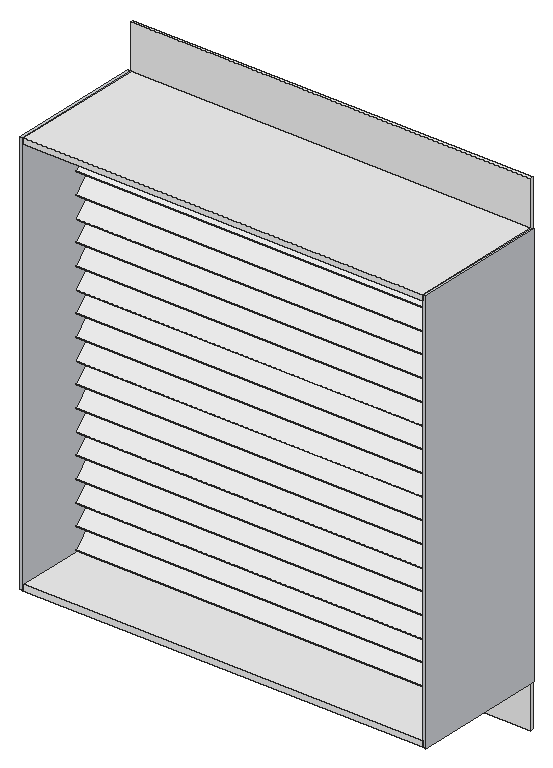
Revit family "Louver_XSV-845 All-Lite", category Mechanical Equipment, host Wall, Revit 2013
Parameters (values of type "XSV-845")
  Width Control = if(Width < Min Width, Min Width, if(Width > Max Width, Max Width, Width))  # 3' - 0"
  Width = 3' - 0"
  Warranty = "http://www.alllite.com/catalog/All-Lite-Warranty.pdf"
  Velocity @ .15 in. wg Pressure Loss = "755 fpm"  # constant formula
  URL = "http://alllite.com/"
  Specifications = ""
  Screen Frame = "Removable"  # constant formula
  Product URL = "http://www.alllite.com/catalog.php?model=XSV-845"
  Pressure Loss @ Beginning Point of Water Penetration = "0.06 in. wg."  # constant formula
  Omni Class Title = "Exterior Louvers & Grilles"  # constant formula
  Omni Class Code = "23-60 11 17"  # constant formula
  Mullion = "Visible"  # constant formula
  Maximum Size - Multiple Section = "Unlimited width x single section high, Single section wide x unlimited height"  # constant formula
  Free Area Velocity @ Beginning Point of Water Penetration = ""
  Free Area = "[48'' x 48'' unit] : 9.4 ft² 58.5%"  # constant formula
  Flange = "4-3/8''"  # constant formula
  Design Load = "290 psf"  # constant formula
  Screen = "1/2'' x .063'' expanded and flattened stainless steel"  # constant formula
  Model = "XSV-845"  # constant formula
  Minimum Size = "6'' x 6''"  # constant formula
  Min Width = 0' - 6"  # constant formula
  Min Height = 0' - 6"  # constant formula
  Maximum Size - Single Section = "60'' x 96'', 120'' x 60''"  # constant formula
  Max Width = 10' - 0"  # constant formula
  Max Height = 8' - 0"  # constant formula
  Manufacturer = "Pottorff"  # constant formula
  Louver Count = (Height Control - 0' 0 1/2") / 0' 2"  # 18
  Louver = Hot Rolled A36 Steel with Zinc Rich Finish
  Height Control = if(Height < Min Height, Min Height, if(Height > Max Height, Max Height, Height))  # 3' - 0"
  Height = 3' - 0"
  Frame = "8'' deep x .25'' thick"  # constant formula
  Default Height = 4' - 0"
  Cut Sheet = "http://www.alllite.com/catalog/XSV-845.pdf"
  Blades = "Inverted V, 3/16''"  # constant formula
  Blade Width = Width Control - 0' 0 1/2"  # 2' - 11 1/2"
  Assembly Code = "B2010300"
  Air Volume Delivered @ Beginning Point of Water Penetration = ""
  95 CSI = "10200"  # constant formula
  04 CSI = "08 91 00"  # constant formula
Reference planes (in)
  plane 1: y = 0
  plane 2 "Center (Left/Right)": x = 0
  plane 3 "Wall Edge": y = 6
  plane 4 "b": z = 48
  plane 5: x = 18
  plane 6: x = -18
  plane 7: z = 84
  plane 8 "blade": y = 2.66731
  plane 9: z = 48.5
  plane 10 "t": z = 83.5
  plane 11: y = -0.125
  plane 12: x = 17.75
  plane 13: x = -17.75
Forms (in)
  Extrusion 1, solid
    sketch origin (0, 0, 0) x (1, 0, 0) y (0, 1, 0)
      loop
        line (-17.75, 6) -> (-18, 6) -> (-18, -6) -> (-17.75, -6) -> (-17.75, 6)
    from 48 to 84
  Extrusion 2, solid
    sketch origin (0, 0, 0) x (-1, 0, 0) y (0, -1, 0)
      loop
        line (-17.75, -6) -> (-17.75, 6) -> (-18, 6) -> (-18, -6) -> (-17.75, -6)
    from 48 to 84
  Sweep 3, solid, material "Hot Rolled A36 Steel with Zinc Rich Finish" <- "Louver"
    path origin (0, 0, 83.5) x (0, -1, 0) y (1, 0, 0)
      loop
        line (-6, -17.75) -> (-6, 17.75)
    profile origin (0, 6, 83.5) x (0, 1, 0) y (0, 0, 1)
      loop
        line (-12, 0) -> (0, 0)
        arc (0, 0) -> (0.17678, 0.07322) -> (0.25, 0.25) r 0.25
        line (0.25, 0.25) -> (0.25, 4.4375) -> (0, 4.4375) -> (0, 0.5) -> (-12, 0.5) -> (-12, 0)
  Sweep 4, solid, material "Hot Rolled A36 Steel with Zinc Rich Finish" <- "Louver"
    path origin (0, 0, 48) x (1, 0, 0) y (0, 1, 0)
      loop
        line (-17.75, 6) -> (17.75, 6)
    profile origin (0, 6, 48) x (0, 1, 0) y (0, 0, 1)
      loop
        line (-12, 0) -> (0, 0) -> (0, -3.9375) -> (0.25, -3.9375) -> (0.25, 0.25)
        arc (0.25, 0.25) -> (0.17678, 0.42678) -> (0, 0.5) r 0.25
        line (0, 0.5) -> (-12, 0.5) -> (-12, 0)
Lines and regions (in)
  Opening 1
    outline origin (-60, -6, 0) x (1, 0, 0) y (0, 0, 1)
      loop
        line (78, 84) -> (42, 84) -> (42, 48) -> (78, 48) -> (78, 84)
Text (in)
  text "Placement Side" at (0, 40.15149, 123.01588), in view "Right"
  text "Placement Side" at (-70.3804, 28.46503, 0), in view "Ref. Level"
  text "Placement Side" at (0, 81.62555, 140.59947), in view "Left"
Dimensions and locks (in)
  locked: plane 3 "Wall Edge" to host wall
  "Default Height": level to plane 4 "b"
  "Height Control": plane 4 "b" to plane 7
  equal spacing: plane 6, plane 2 "Center (Left/Right)", plane 5
  "Width Control": plane 6 to plane 5
  plane 7 to plane 4 "b" = 3' - 0"
  equal spacing: group 1, group 3, group 4, group 5, group 6, group 7, group 8, group 9, group 10, group 11, group 12, group 13, group 14, group 15, group 16, group 17, group 18, group 2  (x3)
  locked: plane 11 to host wall at 6.125
  locked: plane 9 to plane 4 "b" at 0.5
  locked: plane 7 to plane 10 "t" at 0.5
  locked: plane 11 to plane 8 "blade" at 2.79231
  locked: plane 12 to plane 5 at 0.25
  locked: plane 13 to plane 6 at 0.25
  locked: Sweep 4 sketch curve to Sweep 4 sketch curve at 4.4375
  aligned and locked: plane 7 to Opening 1 sketch curve
  aligned and locked: Opening 1 sketch curve to plane 5
  aligned and locked: Opening 1 sketch curve to plane 4 "b"
  aligned and locked: plane 6 to Opening 1 sketch curve
  aligned and locked: nested 1 to plane 9
  aligned and locked: nested 1 to plane 8 "blade"
  aligned and locked: nested 2 to plane 8 "blade"
  aligned and locked: nested 2 to plane 10 "t"
  aligned and locked: Extrusion 1 sketch curve to plane 3 "Wall Edge"
  aligned and locked: host wall to Extrusion 1 sketch curve
  aligned and locked: host wall to Extrusion 2  (x2)
  aligned and locked: plane 7 to Extrusion 2
  aligned and locked: Extrusion 2 to plane 4 "b"
  aligned and locked: plane 7 to Extrusion 1
  aligned and locked: Extrusion 1 to plane 4 "b"
  aligned and locked: plane 13 to Sweep 3 sketch curve
  aligned and locked: plane 12 to Sweep 3 sketch curve
  aligned and locked: Sweep 3 sketch curve to host wall
  aligned and locked: host wall to Sweep 3 sketch curve
Automatic sketch dimensions
  Extrusion 1 sketch curve to plane 6 = 0' - 0"
  Extrusion 1 sketch curve to plane 13 = 0' - 0"
  Extrusion 2 sketch curve to host wall = 0' - 0"
  Extrusion 2 sketch curve to plane 5 = 0' - 0"
  host wall to Extrusion 2 sketch curve = 0' - 0"
  Extrusion 2 sketch curve to plane 12 = 0' - 0"
  Sweep 3 sketch curve to plane 10 "t" = 0' - 0"
  Sweep 3 sketch curve to profile plane = 0' - 0"  (x2)
  plane 10 "t" to Sweep 3 sketch curve = 0' - 0 1/4"
  Sweep 3 sketch curve to Sweep 3 sketch curve = 0' - 0 1/2"
  Sweep 3 sketch curve to Sweep 3 sketch curve = 0' - 3 15/16"
  plane 3 "Wall Edge" to Sweep 4 sketch curve = 0' - 0"
  Sweep 4 sketch curve to plane 13 = 0' - 0"
  Sweep 4 sketch curve to plane 12 = 0' - 0"
  Sweep 4 sketch curve to plane 4 "b" = 0' - 0"
  Sweep 4 sketch curve to profile plane = 0' - 0"  (x2)
  Sweep 4 sketch curve to profile plane = 0' - 0 1/4"
  profile plane to Sweep 4 sketch curve = 1' - 0"
  plane 4 "b" to Sweep 4 sketch curve = 0' - 0 1/4"
Nested families (in)
  nested 1: "XSV-845_Louver" at (0, 2.66731, 50.91891), type "XSV-845_Louver"
    with W 2' - 11 1/2"
  nested 2: "XSV-845_Louver" at (0, 2.66731, 82.91891), type "XSV-845_Louver"
    with W 2' - 11 1/2"
  nested 3: "XSV-845_Louver" at (0, 2.66731, 52.80127), type "XSV-845_Louver"
    with W 2' - 11 1/2"
  nested 4: "XSV-845_Louver" at (0, 2.66731, 54.68362), type "XSV-845_Louver"
    with W 2' - 11 1/2"
  nested 5: "XSV-845_Louver" at (0, 2.66731, 56.56597), type "XSV-845_Louver"
    with W 2' - 11 1/2"
  nested 6: "XSV-845_Louver" at (0, 2.66731, 58.44832), type "XSV-845_Louver"
    with W 2' - 11 1/2"
  nested 7: "XSV-845_Louver" at (0, 2.66731, 60.33068), type "XSV-845_Louver"
    with W 2' - 11 1/2"
  nested 8: "XSV-845_Louver" at (0, 2.66731, 62.21303), type "XSV-845_Louver"
    with W 2' - 11 1/2"
  nested 9: "XSV-845_Louver" at (0, 2.66731, 64.09538), type "XSV-845_Louver"
    with W 2' - 11 1/2"
  nested 10: "XSV-845_Louver" at (0, 2.66731, 65.97774), type "XSV-845_Louver"
    with W 2' - 11 1/2"
  nested 11: "XSV-845_Louver" at (0, 2.66731, 67.86009), type "XSV-845_Louver"
    with W 2' - 11 1/2"
  nested 12: "XSV-845_Louver" at (0, 2.66731, 69.74244), type "XSV-845_Louver"
    with W 2' - 11 1/2"
  nested 13: "XSV-845_Louver" at (0, 2.66731, 71.6248), type "XSV-845_Louver"
    with W 2' - 11 1/2"
  nested 14: "XSV-845_Louver" at (0, 2.66731, 73.50715), type "XSV-845_Louver"
    with W 2' - 11 1/2"
  nested 15: "XSV-845_Louver" at (0, 2.66731, 75.3895), type "XSV-845_Louver"
    with W 2' - 11 1/2"
  nested 16: "XSV-845_Louver" at (0, 2.66731, 77.27185), type "XSV-845_Louver"
    with W 2' - 11 1/2"
  nested 17: "XSV-845_Louver" at (0, 2.66731, 79.15421), type "XSV-845_Louver"
    with W 2' - 11 1/2"
  nested 18: "XSV-845_Louver" at (0, 2.66731, 81.03656), type "XSV-845_Louver"
    with W 2' - 11 1/2"
Definition of nested family "XSV-845_Louver"
  Parameters (values of type "XSV-845_Louver")
    W = 1' - 10"
    Louver = Galvannealed Steel
    Blade = Hot Rolled A36 Steel with Zinc Rich Finish
    Assembly Code = ""
  Reference planes (in)
    plane 1 "Center (Front/Back)": y = 0
    plane 2: z = 0
    plane 3 "Center (Left/Right)": x = 0
    plane 4: x = -11
    plane 5: x = 11
    plane 6: z = 1.62015
    plane 7: z = 0
    plane 8: z = -2.41891
    plane 9: z = 0.58109
  Forms (in)
    Sweep 1, solid, material "Hot Rolled A36 Steel with Zinc Rich Finish" <- "Blade"
      path origin (0, -3.47095, -2.41891) x (1, 0, 0) y (0, 1, 0)
        loop
          line (-11, 0.81123) -> (11, 0.81123)
      profile origin (0, -2.65973, -2.41891) x (0, 1, 0) y (0, 0, 1)
        loop
          line (0.00001, -0.00001) -> (2.65973, 2.73125) -> (5.31944, -0.00001) -> (5.45203, 0.13258) -> (2.65973, 3) -> (-0.13258, 0.13258) -> (0.00001, -0.00001)
  Dimensions and locks (in)
    plane 5 to plane 4 = 1' - 10"
    equal spacing: plane 4, plane 3 "Center (Left/Right)", plane 5
    "W": plane 4 to plane 5
    aligned and locked: plane 2 to level
    aligned and locked: plane 4 to Sweep 1 sketch curve
    aligned and locked: plane 5 to Sweep 1 sketch curve
  Automatic sketch dimensions
    plane 1 "Center (Front/Back)" to Sweep 1 sketch curve = 0' - 2.65973"
    Sweep 1 sketch curve to profile plane = 0' - 0"  (x3)
    profile plane to Sweep 1 sketch curve = 0' - 0.13258"  (x2)
    Sweep 1 sketch curve to Sweep 1 sketch curve = 0' - 0.13259"  (x2)
    plane 6 to Sweep 1 sketch curve = 0' - 1 5/128"
    Sweep 1 sketch curve to profile plane = 0' - 2.65973"
    Sweep 1 sketch curve to Sweep 1 sketch curve = 0' - 2.65971"
    plane 6 to Sweep 1 sketch curve = 0' - 1.30782"
    Sweep 1 sketch curve to Sweep 1 sketch curve = 0' - 0"
